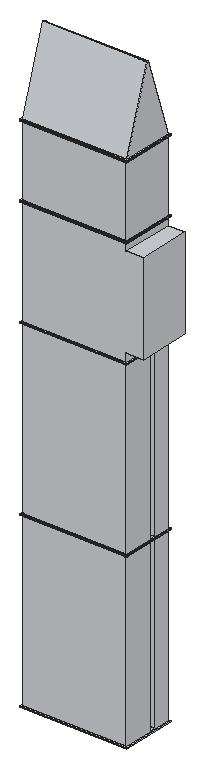
Revit family "Воздушная завеса с эл. подогревом TVP-E", category Оборудование, Revit 2017
Family settings
  Размер круглого соединителя = Использовать диаметр
  Тип детали = Нормальный
  На основе рабочей плоскости = Нет
  Всегда вертикально = Да
  При загрузке вырезать с полостями = Нет
  Общий = Нет
  Точка расчета площади = Нет
Parameters (values of type "60-30")
  х2 = И1 / 2  # 1000 mm
  х1 = х * 0.6  # 630.84 mm
  х = И2 * 0.7  # 1051.4 mm
  отступ = х2 * 0.05  # 50 mm
  ножки(да/нет) [instance] = no
  Ширина щели = 42 mm  # constant formula
  Ширина = А  # 600 mm
  Частотный преобразователь [instance] = no
  Частота вращения n, об/мин = ""
  Ток эл. нагревателя, А = "22,6"
  Тип, марка, обозначение = "ЗВП-Е 60-30"
  Сила тока J, А = "2.5"
  Регулятор расхода [instance] = no
  Раздел = "ОВ"
  Примечание = ""
  Позиция = ""
  Напряжение U,В = "3-380"
  Наименование и тех.хар-ка = "Воздушная завеса с электрическим подогревом"  # constant formula
  Мощность, кВт = 15 W
  Мощность двигателя N,Вт = "1100"
  Материал = Сталь серая
  Масса единицы = ""
  Макс. расход воздуха м3/ч = ""
  Макс. полное давление, Па = ""
  И2 = 1502 mm
  Код, оборудования = ""
  Ключевая пометка = "Вентиляция"
  И1 = 2000 mm
  Задание электрикам [instance] = no
  Задание автоматчикам [instance] = no
  Завод изготовитель = "ООО \"ЮНИО-ВЕНТ\""
  Единица измерения = "шт."  # constant formula
  Высота = Б  # 300 mm
  Б1 = Б * 0.3  # 90 mm
  Б = 300 mm
  А = 600 mm
Types (6, lengths in mm): name | х1 | х | Ширина | Ток эл. нагревателя, А | Тип, марка, обозначение | Сила тока J, А | Мощность, кВт | Мощность двигателя N,Вт | И2 | Высота | Б1 | Б | А
  60-30 | 630.84 | 1051.4 | 600 | "22,6" | "ЗВП-Е 60-30" | "2.5" | 15 W | "1100" | 1502 | 300 | 90 | 300 | 600
  60-35 | 681.24 | 1135.4 | 600 | "33.9" | "ЗВП-Е 60-35" | "3.3" | 22.5 W | "1500" | 1622 | 350 | 105 | 350 | 600
  70-40 M | 672.84 | 1121.4 | 700 | "45.1" | "ЗВП-Е 70-40 M" | "3.3" | 30 W | "1500" | 1602 | 400 | 120 | 400 | 700
  70-40 | 672.84 | 1121.4 | 700 | "45.1" | "ЗВП-Е 70-40" | "6.1" | 30 W | "3" | 1602 | 400 | 120 | 400 | 700
  80-50 | 725.34 | 1208.9 | 800 | "45.1" | "ЗВП-Е 80-50" | "6.1" | 30 W | "3000" | 1727 | 500 | 150 | 500 | 800
  90-50 | 841.26 | 1402.1 | 900 | "67.6" | "ЗВП-Е 90-50" | "10.9" | 45 W | "5500" | 2003 | 500 | 150 | 500 | 900
Reference planes
  plane 1 "По центру (Вперед/Назад)": y = 0
  plane 2: z = 0
  plane 3 "По центру (Влево/Вправо)": x = 0
  plane 4: x = -300
  plane 5: x = 300
  plane 6: y = 150
  plane 7: y = -150
  plane 8: z = 2000
  plane 9: z = 3502
  plane 10: z = 3051.4
  plane 11: z = 1000
  plane 12: y = 60
  plane 13: y = 18
  plane 14: x = 260
  plane 15: x = -260
  plane 16: z = 2630.84
  plane 17: z = 2580.84
  plane 18: z = 2050
  plane 19: x = 400
Forms (mm)
  Extrusion 1, void, not visible
    sketch origin (-345, -245, 50) x (0, -1, 0) y (0, 0, -1)
      loop
        line (-477.965, -475) -> (-477.965, -450) -> (-528.913, -450) -> (-528.913, -475) -> (-477.965, -475)
    from -47.452 to 12
  Extrusion 2, solid
    sketch origin (0, 0, 0) x (1, 0, 0) y (0, 1, 0)
      loop
        line (-300, 150) -> (-300, -150) -> (300, -150) -> (300, 150) -> (-300, 150)
    from 1000 to 2000
  Extrusion 3, solid
    sketch origin (10, 0, 305.382) x (1, 0, 0) y (0, 0, 1)
      loop
        line (-310, 2746.018) -> (-310, 2325.458) -> (290, 2325.458) -> (290, 2746.018) -> (-310, 2746.018)
    from -150 to 150
  Extrusion 4, solid
    sketch origin (0, 0, 0) x (1, 0, 0) y (0, 0, 1)
      loop
        line (-300, 1000) -> (-300, 0) -> (300, 0) -> (300, 1000) -> (-300, 1000)
    from -150 to 150
  Extrusion 5, solid
    sketch origin (0, 0, 0) x (0, 1, 0) y (0, 0, 1)
      loop
        line (150, 3051.4) -> (3.883, 3502) -> (0, 3502) -> (-3.883, 3502) -> (-150, 3051.4) -> (150, 3051.4)
    from -300 to 300
  Sweep 6, solid
    path in 3D
      loop
        line (300, -150, 0) -> (300, 150, 0) -> (-300, 150, 0) -> (-300, -150, 0) -> (300, -150, 0)
    profile origin (0, -150, 0) x (0, -1, 0) y (0, 0, -1)
      loop
        line (0, 0) -> (0, -5) -> (10, -5) -> (10, 0) -> (0, 0)
  Sweep 7, solid
    path in 3D
      loop
        line (-300, -150, 1000) -> (-300, 150, 1000) -> (300, 150, 1000) -> (300, -150, 1000) -> (-300, -150, 1000)
    profile origin (0, -150, 1000) x (0, -1, 0) y (0, 0, 1)
      loop
        line (10, -5) -> (10, -1.078) -> (8.696, 0) -> (10, 1.304) -> (10, 5) -> (0, 5) -> (0, 0) -> (0, -5) -> (10, -5)
  Sweep 8, solid
    path in 3D
      loop
        line (300, -150, 2630.84) -> (300, 150, 2630.84) -> (-300, 150, 2630.84) -> (-300, -150, 2630.84) -> (300, -150, 2630.84)
    profile origin (0, -150, 2630.84) x (0, -1, 0) y (0, 0, -1)
      loop
        line (0, -5) -> (10, -5) -> (10, -1.61) -> (8.39, 0) -> (10, 1.61) -> (10, 5) -> (0, 5) -> (0, 0) -> (0, -5)
  Sweep 9, solid
    path in 3D
      loop
        line (-300, -150, 3051.4) -> (-300, 150, 3051.4) -> (300, 150, 3051.4) -> (300, -150, 3051.4) -> (-300, -150, 3051.4)
    profile origin (0, -150, 3051.4) x (0, 1, 0) y (0, 0, -1)
      loop
        line (0, 5) -> (-10, 5) -> (-10, 1.71) -> (-8.29, 0) -> (-10, -1.71) -> (-10, -5) -> (3.254, -5) -> (0, 0.01) -> (0, 5)
  Extrusion 10, void
    sketch origin (0, 0, 0) x (0, 1, 0) y (0, 0, 1)
      loop
        line (18, 2000) -> (18, 5) -> (60, 5) -> (60, 2000) -> (18, 2000)
    from 260 to 300
  Extrusion 11, void
    sketch origin (0, 0, 0) x (0, 1, 0) y (0, 0, -1)
      loop
        line (18, -2000) -> (60, -2000) -> (60, -5) -> (18, -5) -> (18, -2000)
    from 260 to 300
  Extrusion 12, solid
    sketch origin (0, 0, 0) x (1, 0, 0) y (0, 0, 1)
      loop
        line (-300, 2630.84) -> (-300, 2000) -> (300, 2000) -> (300, 2630.84) -> (-300, 2630.84)
    from -150 to 150
  Sweep 13, solid
    path in 3D
      loop
        line (-300, 150, 2000) -> (-300, -150, 2000) -> (300, -150, 2000) -> (300, 150, 2000) -> (-300, 150, 2000)
    profile origin (0, 150, 2000) x (0, 1, 0) y (0, 0, -1)
      loop
        line (0, -3.024) -> (10, -3.024) -> (10, -1.125) -> (9.212, 0) -> (10, 1.265) -> (10, 3.024) -> (0, 3.024) -> (0, 0) -> (0, -3.024)
  Extrusion 14, solid
    sketch origin (0, 0, 0) x (1, 0, 0) y (0, 0, 1)
      loop
        line (300, 2580.84) -> (300, 2050) -> (400, 2050) -> (400, 2580.84) -> (300, 2580.84)
    from -150 to 150
Cuts and joins
  joined: Extrusion 5, Sweep 9
  Extrusion 10, Extrusion 11 cuts Extrusion 4
  Extrusion 10, Extrusion 11 cuts Extrusion 2
  Extrusion 11 cuts Extrusion 3
  Extrusion 11 cuts Sweep 6
  Extrusion 11 cuts Sweep 7
  Extrusion 11 cuts Sweep 8
  joined: Extrusion 12, Extrusion 14
Lines and regions (mm)
  sketch lines
    curve 1: line (-300, -150, 0) -> (300, -150, 0)
    curve 2: line (300, -150, 0) -> (300, 150, 0)
    curve 3: line (300, 150, 0) -> (-300, 150, 0)
    curve 4: line (-300, -150, 0) -> (-300, 150, 0)
    curve 5: line (300, -150, 1000) -> (-300, -150, 1000)
    curve 6: line (300, -150, 1000) -> (300, 150, 1000)
    curve 7: line (-300, 150, 1000) -> (300, 150, 1000)
    curve 8: line (-300, -150, 1000) -> (-300, 150, 1000)
    curve 9: line (-300, -150, 2630.84) -> (300, -150, 2630.84)
    curve 10: line (300, -150, 2630.84) -> (300, 150, 2630.84)
    curve 11: line (300, 150, 2630.84) -> (-300, 150, 2630.84)
    curve 12: line (-300, -150, 2630.84) -> (-300, 150, 2630.84)
    curve 13: line (300, -150, 3051.4) -> (-300, -150, 3051.4)
    curve 14: line (300, -150, 3051.4) -> (300, 150, 3051.4)
    curve 15: line (300, 150, 3051.4) -> (-300, 150, 3051.4)
    curve 16: line (-300, 150, 3051.4) -> (-300, -150, 3051.4)
    curve 17: line (300, 150, 2000) -> (-300, 150, 2000)
    curve 18: line (-300, -150, 2000) -> (-300, 150, 2000)
    curve 19: line (-300, -150, 2000) -> (300, -150, 2000)
    curve 20: line (300, -150, 2000) -> (300, 150, 2000)
Dimensions and locks
  equal spacing: plane 6, plane 1 "По центру (Вперед/Назад)", plane 7
  "Б": plane 6 to plane 7
  equal spacing: plane 4, plane 3 "По центру (Влево/Вправо)", plane 5
  "А": plane 4 to plane 5
  "И1": plane 8 to level
  "И2": plane 9 to plane 8
  "х": plane 10 to plane 8
  "х2": plane 11 to level
  "Б1": plane 12 to plane 6
  "Ширина щели": plane 13 to plane 12
  locked: plane 4 to plane 15 at 40
  locked: plane 14 to plane 5 at 40
  "х1": plane 16 to plane 8
  "отступ": plane 18 to plane 8
  "отступ": plane 16 to plane 17
  locked: plane 19 to plane 5 at 100
  aligned and locked: level to plane 2
  aligned and locked: Extrusion 2 to plane 4
  aligned and locked: Extrusion 2 to plane 7
  aligned and locked: plane 5 to Extrusion 2
  aligned and locked: plane 6 to Extrusion 2
  aligned and locked: plane 8 to Extrusion 2
  aligned and locked: Extrusion 3 to plane 4
  aligned and locked: plane 5 to Extrusion 3
  aligned and locked: plane 10 to Extrusion 3
  aligned and locked: Extrusion 2 to Extrusion 3
  aligned and locked: Extrusion 3 to Extrusion 2
  aligned and locked: Extrusion 2 to plane 11
  aligned and locked: plane 5 to Extrusion 4
  aligned and locked: Extrusion 4 to plane 4
  aligned and locked: Extrusion 4 to level
  aligned and locked: plane 11 to Extrusion 4
  aligned and locked: Extrusion 4 to Extrusion 2  (x2)
  aligned and locked: Extrusion 5 to Extrusion 2  (x2)
  aligned and locked: Extrusion 2 to Extrusion 10  (x2)
  aligned and locked: plane 12 to Extrusion 10
  aligned and locked: plane 13 to Extrusion 10
  aligned and locked: Extrusion 10 to plane 14
  aligned and locked: plane 12 to Extrusion 11
  aligned and locked: plane 13 to Extrusion 11
  aligned and locked: Extrusion 2 to Extrusion 11
  aligned and locked: Extrusion 11 to cut or joined group of Sweep 6, Extrusion 11
  aligned and locked: Extrusion 10 to cut or joined group of Sweep 6, Extrusion 11
  aligned and locked: Extrusion 3 to plane 16
  aligned and locked: plane 15 to Extrusion 11
  aligned and locked: Extrusion 12 to plane 4
  aligned and locked: plane 5 to Extrusion 12
  aligned and locked: Extrusion 12 to plane 8
  aligned and locked: Extrusion 12 to cut or joined group of Extrusion 3, Extrusion 11
  aligned and locked: Extrusion 12 to plane 7
  aligned and locked: plane 6 to Extrusion 12
  aligned and locked: Extrusion 14 to plane 17
  aligned and locked: Extrusion 14 to plane 18
  aligned and locked: plane 19 to Extrusion 14
  aligned and locked: Extrusion 14 to plane 5
  aligned and locked: Extrusion 14 to plane 7
  aligned and locked: plane 6 to Extrusion 14
Automatic sketch dimensions
  Extrusion 2 sketch curve to plane 4 = 0 mm
  Extrusion 2 sketch curve to plane 5 = 0 mm
  Extrusion 2 sketch curve to plane 7 = 0 mm
  Extrusion 2 sketch curve to plane 6 = 0 mm
  plane 4 to Extrusion 3 sketch curve = 0 mm
  plane 5 to Extrusion 3 sketch curve = 0 mm
  plane 8 to Extrusion 3 sketch curve = 630.84 mm
  plane 10 to Extrusion 3 sketch curve = 0 mm
  Extrusion 4 sketch curve to level = 0 mm
  Extrusion 4 sketch curve to plane 4 = 0 mm
  Extrusion 4 sketch curve to plane 5 = 0 mm
  Extrusion 4 sketch curve to plane 11 = 0 mm
  Extrusion 5 sketch curve to plane 7 = 0 mm
  Extrusion 5 sketch curve to plane 9 = 0 mm
  Extrusion 5 sketch curve to plane 1 "По центру (Вперед/Назад)" = 0 mm
  Extrusion 5 sketch curve to plane 6 = 0 mm
  Extrusion 5 sketch curve to plane 10 = 0 mm
  plane 1 "По центру (Вперед/Назад)" to Extrusion 5 sketch curve = 3.883 mm
  Extrusion 5 sketch curve to plane 1 "По центру (Вперед/Назад)" = 3.883 mm
  Sweep 6 sketch curve to profile plane = 0 mm
  profile plane to Sweep 6 sketch curve = 0 mm
  Sweep 6 sketch curve to profile plane = 10 mm
  Sweep 6 sketch curve to profile plane = 5 mm
  Sweep 7 sketch curve to profile plane = 0 mm  (x3)
  Sweep 7 sketch curve to profile plane = 8.696 mm
  Sweep 7 sketch curve to Sweep 7 sketch curve = 1.304 mm  (x2)
  Sweep 7 sketch curve to profile plane = 1.078 mm
  Sweep 7 sketch curve to Sweep 7 sketch curve = 3.922 mm
  profile plane to Sweep 7 sketch curve = 1.304 mm
  profile plane to Sweep 7 sketch curve = 5 mm
  Sweep 8 sketch curve to profile plane = 0 mm
  profile plane to Sweep 8 sketch curve = 0 mm  (x2)
  Sweep 8 sketch curve to profile plane = 8.39 mm
  Sweep 8 sketch curve to Sweep 8 sketch curve = 1.61 mm  (x2)
  Sweep 8 sketch curve to profile plane = 1.61 mm
  Sweep 8 sketch curve to profile plane = 5 mm
  Sweep 8 sketch curve to Sweep 8 sketch curve = 3.39 mm
  profile plane to Sweep 9 sketch curve = 0 mm
  Sweep 9 sketch curve to profile plane = 0 mm
  profile plane to Sweep 9 sketch curve = 8.29 mm
  Sweep 9 sketch curve to Sweep 9 sketch curve = 1.71 mm  (x2)
  Sweep 9 sketch curve to profile plane = 3.254 mm
  Sweep 9 sketch curve to profile plane = 1.71 mm
  Sweep 9 sketch curve to profile plane = 5 mm
  profile plane to Sweep 9 sketch curve = 0.01 mm
  Sweep 9 sketch curve to Sweep 9 sketch curve = 4.99 mm
  level to Extrusion 10 sketch curve = 5 mm
  Extrusion 10 sketch curve to plane 13 = 0 mm
  Extrusion 10 sketch curve to plane 12 = 0 mm
  Extrusion 10 sketch curve to plane 8 = 0 mm
  level to Extrusion 11 sketch curve = 5 mm
  Extrusion 11 sketch curve to plane 13 = 0 mm
  Extrusion 11 sketch curve to plane 12 = 0 mm
  Extrusion 11 sketch curve to plane 8 = 0 mm
  Extrusion 12 sketch curve to plane 15 = 40 mm
  plane 14 to Extrusion 12 sketch curve = 40 mm
  plane 8 to Extrusion 12 sketch curve = 0 mm
  Extrusion 12 sketch curve to plane 16 = 0 mm
  Sweep 13 sketch curve to profile plane = 3.024 mm
  Sweep 13 sketch curve to Sweep 13 sketch curve = 10 mm
  Sweep 13 sketch curve to profile plane = 1.125 mm
  profile plane to Sweep 13 sketch curve = 3.024 mm
  profile plane to Sweep 13 sketch curve = 1.265 mm
  Sweep 13 sketch curve to Sweep 13 sketch curve = 0 mm
  Sweep 13 sketch curve to profile plane = 0 mm
  profile plane to Sweep 13 sketch curve = 0 mm  (x2)
  Sweep 13 sketch curve to Sweep 13 sketch curve = 0.788 mm
  Extrusion 14 sketch curve to plane 19 = 0 mm
  plane 5 to Extrusion 14 sketch curve = 0 mm
  plane 18 to Extrusion 14 sketch curve = 0 mm
  Extrusion 14 sketch curve to plane 17 = 0 mm
Nested families
  nested 1: "крепление 15мм" at (-330, 229.965, 495), type "крепление 15мм", not visible
Connectors
  hvac at (0, 0, 0), driven by "Ширина", driven by "Высота"
    settings: on Extrusion 4, index 1, duct flow 0.0 L/s, flow factor 0, pres drop 0.0 Pa, loss coef 0, conn angle 0.00°, conn width 600 mm, conn height 300 mm, conn diameter 609.6 mm, duct sys type 28, conn prof type 1, flow config 0, flow direction 0, loss method 0, conn ref index -1, conn util no, is conn primary yes, conn desc ""
Definition of nested family "крепление 15мм"
  Parameters (values of type "крепление 15мм")
    Материал крепления = none
  Reference planes
    plane 1 "По центру (Вперед/Назад)": y = 0
    plane 2: z = 0
    plane 3 "По центру (Влево/Вправо)": x = 0
  Forms (mm)
    Extrusion 1, solid, material <- "Материал крепления"
      sketch origin (0, 0, 0) x (1, 0, 0) y (0, 1, 0)
        loop
          line (-25, 0) -> (0, 0) -> (0, 18.31) -> (0, 25) -> (-3, 25) -> (-3, 3) -> (-25, 3) -> (-25, 0)
      from 0 to 30
    Extrusion 2, void
      sketch origin (0, 0, 0) x (1, 0, 0) y (0, 1, 0)
        loop
          line (-3, 3) -> (-3, 54.96) -> (-58, 54.96) -> (-58, 3) -> (-3, 3)
      from 0 to 15
  Cuts and joins
    Extrusion 2 cuts Extrusion 1
  Dimensions and locks
    Extrusion 1 sketch curve to Extrusion 1 sketch curve = 3 mm  (x2)
    Extrusion 1 sketch curve to Extrusion 1 sketch curve to plane 3 "По центру (Влево/Вправо)" = 25 mm, 0 mm
    Extrusion 1 sketch curve to Extrusion 1 sketch curve = 25 mm
    aligned and locked: level to plane 2
